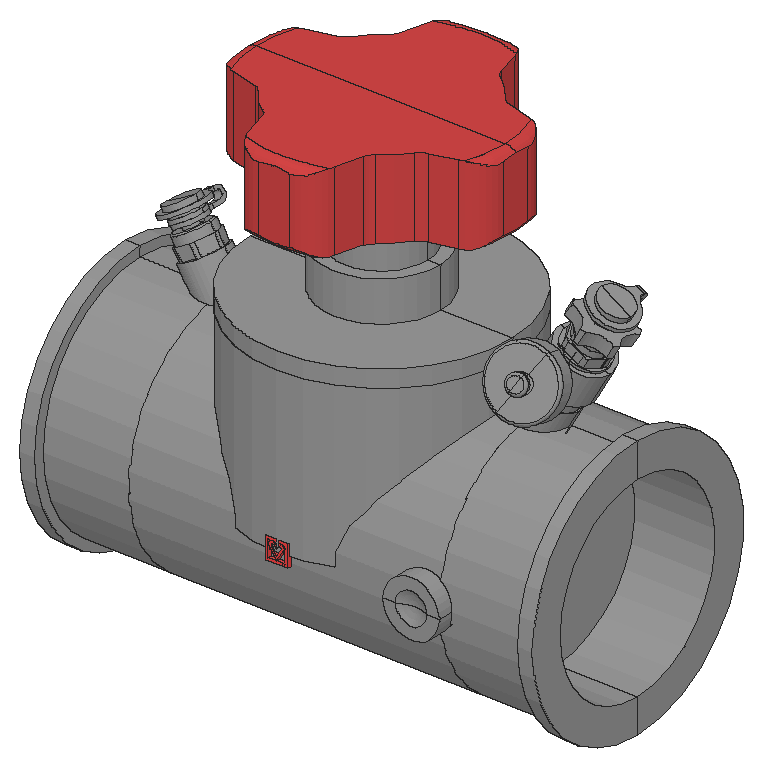
Revit family "Strangregulierventil für Differenzdruckmessung, Geradsitzform 4217 GML", category Rohrzubehör, Revit 2019
Family settings
  Bemaßung runder Anschluss = Durchmesser verwenden
  Teiletyp = Unterbricht
  OmniClass-Nummer = 23.65.55.14
  OmniClass-Titel = Valves for Liquid Services
  Arbeitsebenenbasiert = Nein
  Immer vertikal = Ja
  Beim Laden mit Abzugskörper schneiden = Nein
  Gemeinsam genutzt = Nein
Parameters
  kvs-Wert [instance] = if(Nennweite = 15.00 mm, 6.05, if(Nennweite = 20.00 mm, 6.11, if(Nennweite = 25.00 mm, 9.22, if(Nennweite = 32.00 mm, 18.83, if(Nennweite = 40.00 mm, 23.29, if(Nennweite = 50.00 mm, 35.26, if(Nennweite = 65.00 mm, 52.11, if(Nennweite = 80.00 mm, 76.1, 0))))))))  # 76.1
  W02 = 60.00°  # constant formula
  W01 = 30.00°  # constant formula
  URL = "www.herz-armaturen.at"
  SC_NennweiteBerechnet = 0
  SC_Dimension = ""
  SCRNSEQ = "ARM;ARM_TYP=\"STRV\";2"
  SCRNCODE = "05;07;02"  # constant formula
  S02 = 60.00 mm  # constant formula
  S01 [instance] = H00 + H01  # 119.31 mm
  R01 [instance] = size_lookup("4217_GML_", "R1", 1.00 mm, Nennweite)  # 53.00 mm
  Nennweite [instance] = 80.00 mm
  Medium = "Heizwasserqualität entsprechend ÖNORM H 5195 bzw. VDI-Richtlinie 2035.\r\nDie Verwendung von Ethylen- und Propylenglykol ist im Mischungsverhältnis 25 - 50 Vol. % zulässig."
  Max. Betriebstemperatur (bis DN32) = 130 °C  # constant formula
  Max. Betriebstemperatur (ab DN40) = 110 °C  # constant formula
  Max. Betriebsdruck = 1600000.0 Pa  # constant formula
  ML02 [instance] = size_lookup("4217_GML_", "ML2", 1.00 mm, Nennweite)  # 70.50 mm
  ML01 [instance] = size_lookup("4217_GML_", "ML1", 1.00 mm, Nennweite)  # 37.35 mm
  MD01 = 9.50 mm  # constant formula
  L02 [instance] = size_lookup("4217_GML_", "L2", 1.00 mm, Nennweite)  # 6.00 mm
  L01 [instance] = size_lookup("4217_GML_", "L1", 1.00 mm, Nennweite)  # 41.30 mm
  L00 [instance] = size_lookup("4217_GML_", "L", 1.00 mm, Nennweite)  # 210.00 mm
  IG [instance] = Nennweite / 2  # 40.00 mm
  Hersteller = "HERZ Armaturen Ges.m.b.H."  # constant formula
  H04 [instance] = size_lookup("4217_GML_", "H4", 1.00 mm, Nennweite)  # 19.00 mm
  H03 = 10.00 mm  # constant formula
  H02 [instance] = size_lookup("4217_GML_", "H2", 1.00 mm, Nennweite)  # 7.00 mm
  H01 [instance] = size_lookup("4217_GML_", "H1", 1.00 mm, Nennweite)  # 52.60 mm
  H00 [instance] = size_lookup("4217_GML_", "H", 1.00 mm, Nennweite)  # 66.71 mm
  Gewicht [instance] = if(Nennweite = 15.00 mm, "0.97 kg", if(Nennweite = 20.00 mm, "1.00 kg", if(Nennweite = 25.00 mm, "1.45 kg", if(Nennweite = 32.00 mm, "1.98 kg", if(Nennweite = 40.00 mm, "2.34 kg", if(Nennweite = 50.00 mm, "3.85 kg", if(Nennweite = 65.00 mm, "5.35 kg", if(Nennweite = 80.00 mm, "7.20 kg", "0 kg"))))))))  # "7.20 kg"
  Gehäuse = "DZR-Messing"  # constant formula
  GT [instance] = size_lookup("4217_GML_", "GT", 1.00 mm, Nennweite)  # 33.30 mm
  Einbaulage = "Bedingt durch die senkrecht zur Ventilachse angeordnete, nichtsteigende Ventilspindel ist für jede Einbaulage optimale Zugängigkeit und Bedienbarkeit des Ventils gewährleistet."
  Differenzdruckmessung = "STRÖMAX-GML Strangregulierventil ist mit zwei Messventilen ausgestattet.\r\nBei Verwendung eines geeigneten Messgerätes kann der Differenzdruck gemessen und dadurch die jeweilige Durchflussmenge in Abhängigkeit der Einstellstufe ermittelt werden.\r\nAm HERZ-Messcomputer (1 8900 05) ist außerdem direkt die jeweilige Durchflussmenge ablesbar."
  DN80 [instance] = Nennweite = 80.00 mm  # yes
  DN65 [instance] = Nennweite = 65.00 mm  # no
  DN50_DN80 [instance] = or(Nennweite = 50.00 mm, Nennweite = 65.00 mm, Nennweite = 80.00 mm)  # yes
  DN50-DN80 [instance] = H00 + H01  # 119.31 mm
  DN50 [instance] = Nennweite = 50.00 mm  # no
  DN40 [instance] = Nennweite = 40.00 mm  # no
  DN32 [instance] = Nennweite = 32.00 mm  # no
  DN25 [instance] = Nennweite = 25.00 mm  # no
  DN20 [instance] = Nennweite = 20.00 mm  # no
  DN15_DN40 [instance] = or(Nennweite = 15.00 mm, Nennweite = 20.00 mm, Nennweite = 25.00 mm, Nennweite = 32.00 mm, Nennweite = 40.00 mm)  # no
  DN15-DN40 [instance] = H00 + H01  # 119.31 mm
  DN15 [instance] = Nennweite = 15.00 mm  # no
  D06 [instance] = size_lookup("4217_GML_", "D6", 1.00 mm, Nennweite)  # 24.30 mm
  D05 [instance] = size_lookup("4217_GML_", "D5", 1.00 mm, Nennweite)  # 19.00 mm
  D04 = 9.00 mm  # constant formula
  D03 [instance] = size_lookup("4217_GML_", "D3", 1.00 mm, Nennweite)  # 53.80 mm
  D02 [instance] = size_lookup("4217_GML_", "D2", 1.00 mm, Nennweite)  # 54.00 mm
  D01 [instance] = size_lookup("4217_GML_", "D1", 1.00 mm, Nennweite)  # 50.00 mm
  Bestellnummer [instance] = size_lookup("4217_GML_", "Artnr", 0, Nennweite)  # 1421718
  Ausführung = "STRÖMAX-GML Strangregulierventil mit Messventilen und Impulsleitungsanschluß 1/2″ – 3″\r\nGeradesitzform, gelbe Ausführung, Muffe x Muffe, nichtsteigende Spindel, Spindelabdichtung durch Doppel-O-Ring, Voreinstellung durch Hubbegrenzung mittels Innenspindel, digitale Anzeige der Voreinstellstufe im Handradfenster.\r\nEin Standardmeßventil und ein Messventil mit integriertem Impulsleitungsanschluß befinden sich neben dem Handrad."
  Anwendungen = "Zum hydraulischen Abgleich in Heiz- oder Kühlanlagen, Einregulieren von Verteilleitungen, Strängen, Wärmetauschern, Heiz- und Kühlregistern."
Reference planes
  plane 1 "Mitte (Vorne/hinten)": y = 0
  plane 2: z = 0
  plane 3 "Mitte (Links/rechts)": x = 0
Forms (mm)
  Revolve 1, solid, material "Messing, weicher Gelbton, geschweißt", detail levels fine
    sketch origin (0, 0, 0) x (1, 0, 0) y (0, 0, 1)
      loop
        line (-105, 54) -> (-105, 40) -> (-71.7, 40) -> (-71.7, 0) -> (71.7, 0) -> (71.7, 40) -> (105, 40) -> (105, 54) -> (99, 54) -> (99, 50) -> (63.7, 50)
        arc (63.7, 50) -> (0, 53) -> (-63.7, 50) r 677.782
        line (-63.7, 50) -> (-99, 50) -> (-99, 54) -> (-105, 54)
      axis (-105, 0) -> (105, 0)
    angle from 0 to 360
  Revolve 2, solid, material "Messing, weicher Gelbton, geschweißt", detail levels fine
    sketch origin (0, 0, 0) x (1, 0, 0) y (0, 0, 1)
      loop
        line (37.35, 0) -> (72.6, 61.055) -> (64.373, 65.805) -> (29.123, 4.75) -> (37.35, 0)
      axis (37.35, 0) -> (72.6, 61.055)
    angle from 0 to 360
  Revolve 3, solid, material "Messing, weicher Gelbton, geschweißt", detail levels fine
    sketch origin (0, 0, 0) x (1, 0, 0) y (0, 0, 1)
      loop
        line (0, 0) -> (0, 66.71) -> (-53.8, 66.71) -> (-53.8, 0) -> (0, 0)
      axis (0, 66.71) -> (0, 0)
    angle from 0 to 360
  Revolve 4, solid, material "Messing, weicher Gelbton, geschweißt", detail levels fine
    sketch origin (0, 0, 0) x (-1, 0, 0) y (0, 0, 1)
      loop
        line (37.35, 0) -> (72.6, 61.055) -> (64.373, 65.805) -> (29.123, 4.75) -> (37.35, 0)
      axis (37.35, 0) -> (72.6, 61.055)
    angle from 0 to 360
  Revolve 5, solid, material "Messing, weicher Gelbton, geschweißt", visible <- "DN65", detail levels fine
    sketch origin (0, 0, 0) x (1, 0, 0) y (0, 1, 0)
      loop
        line (60, 47.945) -> (60, -47.945)
        arc (60, -47.945) -> (63.368, -48.598) -> (66.5, -50) r 15
        line (66.5, -50) -> (71.5, -50) -> (71.5, 50) -> (66.5, 50)
        arc (66.5, 50) -> (63.368, 48.598) -> (60, 47.945) r 15
      axis (60, 50) -> (60, -50)
    angle from 0 to 360
  Revolve 6, solid, material "Messing, weicher Gelbton, geschweißt", detail levels fine
    sketch origin (0, 0, 0) x (1, 0, 0) y (0, 0, 1)
      loop
        line (0, 66.71) -> (0, 119.31) -> (-9, 119.31) -> (-9, 109.31) -> (-19, 109.31) -> (-19, 90.31) -> (-24.3, 90.31) -> (-24.3, 73.71) -> (-53.8, 73.71) -> (-53.8, 66.71) -> (0, 66.71)
      axis (0, 119.31) -> (0, 66.71)
    angle from 0 to 360
  Revolve 7, solid, material "Messing, weicher Gelbton, geschweißt", visible <- "DN80", detail levels fine
    sketch origin (0, 0, 0) x (1, 0, 0) y (0, 1, 0)
      loop
        line (57, 53.945) -> (57, -53.945)
        arc (57, -53.945) -> (60.368, -54.598) -> (63.5, -56) r 15
        line (63.5, -56) -> (68.5, -56) -> (68.5, 56) -> (63.5, 56)
        arc (63.5, 56) -> (60.368, 54.598) -> (57, 53.945) r 15
      axis (57, 56) -> (57, -56)
    angle from 0 to 360
Lines and regions (mm)
  model lines, detail levels coarse+medium
    curve 1: line (-105, 0, 54) -> (-105, 0, -54)
    curve 2: line (-105, 0, -54) -> (105, 0, 54)
    curve 3: line (105, 0, 54) -> (105, 0, -54)
    curve 4: line (105, 0, -54) -> (-105, 0, 54)
    curve 5: line (0, 0, 0) -> (68.884, 0, 119.31)
    curve 6: line (42.903, 0, 134.31) -> (94.864, 0, 104.31)
    curve 7: line (-105, 54, 0) -> (-105, -54, 0)
    curve 8: line (-105, -54, 0) -> (105, 54, 0)
    curve 9: line (105, 54, 0) -> (105, -54, 0)
    curve 10: line (105, -54, 0) -> (-105, 54, 0)
    curve 11: line (0, 0, 0) -> (68.884, 119.31, 0)
    curve 12: line (42.903, 134.31, 0) -> (94.864, 104.31, 0)
Dimensions and locks
  "IG": Revolve 1 sketch curve to plane 2
  "GT": Revolve 1 sketch curve to Revolve 1 sketch curve  (x2)
  "IG": Revolve 1 sketch curve to Revolve 1 sketch curve
  "D01": Revolve 1 sketch curve to Revolve 1 sketch curve  (x2)
  "R01": Revolve 1 sketch curve to Revolve 1 sketch curve
  "L02": Revolve 1 sketch curve to Revolve 1 sketch curve  (x2)
  "L01": Revolve 1 sketch curve to Revolve 1 sketch curve  (x2)
  "D02": Revolve 1 sketch curve to plane 2  (x2)
  equal spacing: Revolve 1 sketch curve, plane 3 "Mitte (Links/rechts)", Revolve 1 sketch curve
  "L00": Revolve 1 sketch curve to Revolve 1 sketch curve
  "R01": nested 1 to plane 1 "Mitte (Vorne/hinten)"
  "ML01": Revolve 2 sketch curve to plane 3 "Mitte (Links/rechts)"
  "H00": Revolve 3 sketch curve to plane 2
  "D03": Revolve 3 sketch curve to Revolve 3 sketch curve
  "ML02": Revolve 2 sketch curve to Revolve 2 sketch curve
  "MD01": Revolve 2 sketch curve to Revolve 2 sketch curve  (x2)
  "ML02": Revolve 4 sketch curve to Revolve 4 sketch curve
  "MD01": Revolve 4 sketch curve to Revolve 4 sketch curve  (x2)
  "ML01": plane 3 "Mitte (Links/rechts)" to Revolve 4 sketch curve
  Revolve 5 sketch curve to Revolve 1 = 45.00 mm
  Revolve 5 sketch curve to Revolve 5 sketch curve = 11.50 mm  (x2)
  Revolve 5 sketch curve to plane 1 "Mitte (Vorne/hinten)" to Revolve 5 sketch curve = 50.00 mm, 50.00 mm
  "H00": Revolve 6 sketch curve to plane 2
  "H01": Revolve 6 sketch curve to Revolve 6 sketch curve
  "D04": Revolve 6 sketch curve to Revolve 6 sketch curve
  "D03": Revolve 6 sketch curve to Revolve 6 sketch curve
  "D05": Revolve 6 sketch curve to Revolve 6 sketch curve
  "D06": Revolve 6 sketch curve to Revolve 6 sketch curve
  "H02": Revolve 6 sketch curve to Revolve 6 sketch curve
  "H03": Revolve 6 sketch curve to Revolve 6 sketch curve
  "H04": Revolve 6 sketch curve to Revolve 6 sketch curve
  Revolve 7 sketch curve to Revolve 1 = 48.00 mm
  Revolve 7 sketch curve to Revolve 7 sketch curve = 11.50 mm  (x2)
  Revolve 7 sketch curve to plane 1 "Mitte (Vorne/hinten)" to Revolve 7 sketch curve = 56.00 mm, 56.00 mm
  "DN15-DN40": nested 2 to plane 2
  "DN50-DN80": nested 3 to plane 2
  "D02": curve 4 to plane 2 to curve 2
  "D02": curve 3 to plane 2 to curve 4
  equal spacing: curve 1, plane 3 "Mitte (Links/rechts)", curve 3
  "L00": curve 1 to curve 3
  equal spacing: Revolve 1, curve 5, Revolve 1
  "S01": curve 5 to plane 2
  equal spacing: curve 6, curve 5, curve 6
  "S02": curve 6 to curve 6
  "D02": curve 8 to plane 1 "Mitte (Vorne/hinten)" to curve 10
  "D02": curve 10 to plane 1 "Mitte (Vorne/hinten)" to curve 9
  equal spacing: curve 7, plane 3 "Mitte (Links/rechts)", curve 9
  "L00": curve 7 to curve 9
  equal spacing: curve 7, curve 11, curve 9
  "S01": plane 1 "Mitte (Vorne/hinten)" to curve 11
  equal spacing: curve 12, curve 11, curve 12
  "S02": curve 12 to curve 12
  radius of Revolve 5 sketch curve = 15.00 mm  (x2)
  radius of Revolve 7 sketch curve = 15.00 mm  (x2)
  "W01": angle Revolve 2 sketch curve to plane 3 "Mitte (Links/rechts)"  (x2)
  "W01": angle plane 3 "Mitte (Links/rechts)" to Revolve 4 sketch curve  (x2)
  "W02": angle plane 2 to curve 5
  "W02": angle plane 1 "Mitte (Vorne/hinten)" to curve 11
  aligned and locked: level to plane 2
Automatic sketch dimensions
  Revolve 5 sketch curve to Revolve 5 sketch curve = 1.153 mm  (x2)
  Revolve 5 sketch curve to Revolve 5 sketch curve = 5.00 mm  (x2)
  Revolve 5 sketch curve to Revolve 5 sketch curve = 2.854 mm  (x2)
  Revolve 7 sketch curve to Revolve 7 sketch curve = 1.153 mm  (x2)
  Revolve 7 sketch curve to Revolve 7 sketch curve = 5.00 mm  (x2)
  Revolve 7 sketch curve to Revolve 7 sketch curve = 8.854 mm  (x2)
  Revolve 1 sketch curve to level = 0.00 mm  (x2)
  Revolve 1 sketch curve to Revolve 1 sketch curve = 1429.986 mm
  Revolve 1 sketch curve to Revolve 1 sketch curve = 1762.604 mm
  Revolve 2 sketch curve to level = 0.00 mm  (x2)
  Revolve 3 sketch curve to level = 0.00 mm
  Revolve 3 sketch curve to plane 3 "Mitte (Links/rechts)" = 0.00 mm  (x2)
  Revolve 3 sketch curve to Revolve 3 sketch curve = 366.045 mm
  Revolve 3 sketch curve to Revolve 3 sketch curve = 2179.415 mm
  Revolve 4 sketch curve to level = 0.00 mm  (x2)
  Revolve 6 sketch curve to plane 3 "Mitte (Links/rechts)" = 0.00 mm  (x2)
  Revolve 6 sketch curve to level = 366.045 mm
  Revolve 6 sketch curve to Revolve 6 sketch curve = 2146.115 mm
Nested families
  nested 1: "Herz-Logo-vorne" at (0, -53, 0) x (0, 1, 0) z (0, 0, 1), type "Herz-Logo-vorne", detail levels fine
  nested 2: "Strangregulierventil-Handrad-Gerade (Rot) DN15-DN40" at (0, 0, 119.31), visible <- "DN15_DN40", type "Strangregulierventil-Handrad-Gerade (Rot) DN15-DN40", detail levels fine
    with Nennweite 0.00 mm, Gewicht 0.00 kg, Bestellnummer 0
  nested 3: "Strangregulierventil-Handrad-Gerade (Rot) DN50-DN80" at (0, 0, 119.31), visible <- "DN50_DN80", type "Strangregulierventil-Handrad-Gerade (Rot) DN50-DN80", detail levels fine
    with Nennweite 0.00 mm, Gewicht 0.00 kg, Bestellnummer 0
  nested 4: "Messstutzen_Band-KFE_Austritt_30Grad_(oben)" at (61.39, 0, 59.409), visible <- "DN50", type "Messstutzen_Band-KFE_Austritt_30Grad_(oben)", detail levels fine
    with Schutzkappe yes, Nennweite 0.00 mm, Gewicht 0.00 kg, Bestellnummer 0
  nested 5: "Messstutzen_Band_Eintritt_30Grad_(oben)" at (-47.24, 0, 34.901) x (-1, 0, 0) z (0, 0, 1), visible <- "DN50", type "Messstutzen_Band_Eintritt_30Grad_(oben)", detail levels fine
    with Schutzkappe yes, Nennweite 0.00 mm, Gewicht 0.00 kg, Bestellnummer 0
  nested 6: "Messstutzen_Band-KFE_Austritt_30Grad_(oben)" at (41.17, 0, 35.507), visible <- "DN15", type "Messstutzen_Band-KFE_Austritt_30Grad_(oben)", detail levels fine
    with Schutzkappe yes, Nennweite 0.00 mm, Gewicht 0.00 kg, Bestellnummer 0
  nested 7: "Messstutzen_Band_Eintritt_30Grad_(oben)" at (-27.02, 0, 10.999) x (-1, 0, 0) z (0, 0, 1), visible <- "DN15", type "Messstutzen_Band_Eintritt_30Grad_(oben)", detail levels fine
    with Schutzkappe yes, Nennweite 0.00 mm, Gewicht 0.00 kg, Bestellnummer 0
  nested 8: "Messstutzen_Band_Eintritt_30Grad_(oben)" at (-24.855, 0, 13.553) x (-1, 0, 0) z (0, 0, 1), visible <- "DN20", type "Messstutzen_Band_Eintritt_30Grad_(oben)", detail levels fine
    with Schutzkappe yes, Nennweite 0.00 mm, Gewicht 0.00 kg, Bestellnummer 0
  nested 9: "Messstutzen_Band-KFE_Austritt_30Grad_(oben)" at (39.005, 0, 38.062), visible <- "DN20", type "Messstutzen_Band-KFE_Austritt_30Grad_(oben)", detail levels fine
    with Schutzkappe yes, Nennweite 0.00 mm, Gewicht 0.00 kg, Bestellnummer 0
  nested 10: "Messstutzen_Band_Eintritt_30Grad_(oben)" at (-29.265, 0, 17.883) x (-1, 0, 0) z (0, 0, 1), visible <- "DN25", type "Messstutzen_Band_Eintritt_30Grad_(oben)", detail levels fine
    with Schutzkappe yes, Nennweite 0.00 mm, Gewicht 0.00 kg, Bestellnummer 0
  nested 11: "Messstutzen_Band-KFE_Austritt_30Grad_(oben)" at (43.415, 0, 42.392), visible <- "DN25", type "Messstutzen_Band-KFE_Austritt_30Grad_(oben)", detail levels fine
    with Schutzkappe yes, Nennweite 0.00 mm, Gewicht 0.00 kg, Bestellnummer 0
  nested 12: "Messstutzen_Band_Eintritt_30Grad_(oben)" at (-37.74, 0, 24.595) x (-1, 0, 0) z (0, 0, 1), visible <- "DN32", type "Messstutzen_Band_Eintritt_30Grad_(oben)", detail levels fine
    with Schutzkappe yes, Nennweite 0.00 mm, Gewicht 0.00 kg, Bestellnummer 0
  nested 13: "Messstutzen_Band-KFE_Austritt_30Grad_(oben)" at (51.89, 0, 49.104), visible <- "DN32", type "Messstutzen_Band-KFE_Austritt_30Grad_(oben)", detail levels fine
    with Schutzkappe yes, Nennweite 0.00 mm, Gewicht 0.00 kg, Bestellnummer 0
  nested 14: "Messstutzen_Band_Eintritt_30Grad_(oben)" at (-42.8, 0, 28.665) x (-1, 0, 0) z (0, 0, 1), visible <- "DN40", type "Messstutzen_Band_Eintritt_30Grad_(oben)", detail levels fine
    with Schutzkappe yes, Nennweite 0.00 mm, Gewicht 0.00 kg, Bestellnummer 0
  nested 15: "Messstutzen_Band-KFE_Austritt_30Grad_(oben)" at (56.95, 0, 53.174), visible <- "DN40", type "Messstutzen_Band-KFE_Austritt_30Grad_(oben)", detail levels fine
    with Schutzkappe yes, Nennweite 0.00 mm, Gewicht 0.00 kg, Bestellnummer 0
  nested 16: "Messstutzen_Band_Eintritt_30Grad_(oben)" at (-54.5, 0, 38.105) x (-1, 0, 0) z (0, 0, 1), visible <- "DN65", type "Messstutzen_Band_Eintritt_30Grad_(oben)", detail levels fine
    with Schutzkappe yes, Nennweite 0.00 mm, Gewicht 0.00 kg, Bestellnummer 0
  nested 17: "Messstutzen_Band-KFE_Austritt_30Grad_(oben)" at (68.65, 0, 62.614), visible <- "DN65", type "Messstutzen_Band-KFE_Austritt_30Grad_(oben)", detail levels fine
    with Schutzkappe yes, Nennweite 0.00 mm, Gewicht 0.00 kg, Bestellnummer 0
  nested 18: "Messstutzen_Band_Eintritt_30Grad_(oben)" at (-63.85, 0, 45.899) x (-1, 0, 0) z (0, 0, 1), visible <- "DN80", type "Messstutzen_Band_Eintritt_30Grad_(oben)", detail levels fine
    with Schutzkappe yes, Nennweite 0.00 mm, Gewicht 0.00 kg, Bestellnummer 0
  nested 19: "Messstutzen_Band-KFE_Austritt_30Grad_(oben)" at (78, 0, 70.408), visible <- "DN80", type "Messstutzen_Band-KFE_Austritt_30Grad_(oben)", detail levels fine
    with Schutzkappe yes, Nennweite 0.00 mm, Gewicht 0.00 kg, Bestellnummer 0
Connectors
  piping at (-71.7, 0, 0), diameter 80, driven by "Nennweite"
    settings: on Revolve 1, index 1, connector inside diameter 609.6 mm, connector length 0.00 mm, flow factor 0, pipe flow 0.0 L/s, pressure drop 0.0 Pa, fitting loss kfactor 0, connector angle 0.00°, fixture units 0, engagement length 0.00 mm, angle of deflection 0.00°, flow configuration 0, flow direction 1, fitting loss method 0, system type 29, joint type 0, gender type 0, connector reference index -1, connector utility 0, adjustable connector no, is connector primary yes, connector description ""
  piping at (71.7, 0, 0), diameter 80, driven by "Nennweite"
    settings: on Revolve 1, index 2, connector inside diameter 609.6 mm, connector length 0.00 mm, flow factor 0, pipe flow 0.0 L/s, pressure drop 0.0 Pa, fitting loss kfactor 0, connector angle 0.00°, fixture units 0, engagement length 0.00 mm, angle of deflection 0.00°, flow configuration 0, flow direction 2, fitting loss method 0, system type 29, joint type 0, gender type 0, connector reference index -1, connector utility 0, adjustable connector no, is connector primary no, connector description ""
Definition of nested family "Herz-Logo-vorne"
  Reference planes
    plane 1 "Mitte (Vorne/hinten)": y = 0
    plane 2: z = 0
    plane 3 "Mitte (Links/rechts)": x = 0
  Forms (mm)
    Extrusion 1, solid
      sketch origin (0.732, -0.018, 0.017) x (0, -1, 0) y (0, 0, 1)
        loop
          line (-0.018, -4.517) -> (4.482, -4.517) -> (4.482, 4.483) -> (-4.518, 4.483) -> (-4.518, -4.517) -> (-0.018, -4.517)
        loop
          line (-0.05, -3.48) -> (3.482, -3.48) -> (3.482, 3.483) -> (-3.518, 3.483) -> (-3.518, -3.48) -> (-0.05, -3.48)
        loop
          arc (-0.018, 2.383) -> (-1.543, 3.287) -> (-3.067, 2.383) r 1.738
          arc (-3.067, 2.383) -> (-3.191, 1.899) -> (-3.067, 1.415) r 1.009
          line (-3.067, 1.415) -> (-0.018, -3.281) -> (3.032, 1.415)
          arc (3.032, 1.415) -> (3.156, 1.899) -> (3.032, 2.383) r 1.009
          arc (3.032, 2.383) -> (1.507, 3.287) -> (-0.018, 2.383) r 1.738
        loop
          arc (1.885, 1.272) -> (2.005, 1.675) -> (1.885, 2.079) r 0.74
          arc (1.885, 2.079) -> (1.265, 2.416) -> (0.644, 2.079) r 0.74
          line (0.644, 2.079) -> (-0.018, 0.97) -> (-0.679, 2.079)
          arc (-0.679, 2.079) -> (-1.3, 2.416) -> (-1.921, 2.079) r 0.74
          arc (-1.921, 2.079) -> (-2.04, 1.675) -> (-1.921, 1.272) r 0.74
          line (-1.921, 1.272) -> (-0.018, -1.658) -> (1.885, 1.272)
      from 0 to 1.5
  Dimensions and locks
    aligned and locked: level to plane 2
Definition of nested family "Strangregulierventil-Handrad-Gerade (Rot) DN15-DN40"
  Parameters (values of type "Strangregulierventil-Handrad-Gerade (Rot) DN15-DN40")
    URL = "www.herz-armaturen.at"
    Nennweite [instance] = 0.00 mm
    Manufacturer = "Herz Armaturen GmbH"  # constant formula
    Gewicht [instance] = 0.00 kg
    Bestellnummer [instance] = 0
  Reference planes
    plane 1 "Mitte (Vorne/hinten)": y = 0
    plane 2: z = 0
    plane 3 "Mitte (Links/rechts)": x = 0
  Forms (mm)
    Revolve 1, solid, detail levels fine
      sketch origin (0, 0, 0) x (1, 0, 0) y (0, 0, 1)
        loop
          line (0, 0) -> (0, 24.95) -> (-30.992, 24.95)
          arc (-30.992, 24.95) -> (-34.37, 23.636) -> (-35.973, 20.386) r 5
          line (-35.973, 20.386) -> (-37, 8.65) -> (-35.986, -2.936)
          arc (-35.986, -2.936) -> (-34.383, -6.186) -> (-31.005, -7.5) r 5
          line (-31.005, -7.5) -> (-15, -7.5) -> (-15, 0) -> (0, 0)
        axis (0, 24.95) -> (0, -7.5)
      angle from 0 to 360
    Extrusion 2, void
      sketch origin (0, 0, 20.3) x (1, 0, 0) y (0, 1, 0)
        loop
          line (3.861, 35.5) -> (-3.861, 35.5)
          arc (-3.861, 35.5) -> (-8.731, 33.847) -> (-11.589, 29.571) r 8
          line (-11.589, 29.571) -> (-13.284, 23.245)
          arc (-13.284, 23.245) -> (-13.982, 21.722) -> (-15.144, 20.516) r 5
          arc (-15.144, 20.516) -> (-18.031, 18.031) -> (-20.516, 15.144) r 25.5
          arc (-20.516, 15.144) -> (-21.722, 13.982) -> (-23.245, 13.284) r 5
          line (-23.245, 13.284) -> (-29.571, 11.589)
          arc (-29.571, 11.589) -> (-33.847, 8.731) -> (-35.5, 3.861) r 8
          line (-35.5, 3.861) -> (-35.5, -3.861)
          arc (-35.5, -3.861) -> (-33.847, -8.731) -> (-29.571, -11.589) r 8
          line (-29.571, -11.589) -> (-23.245, -13.284)
          arc (-23.245, -13.284) -> (-21.722, -13.982) -> (-20.516, -15.144) r 5
          arc (-20.516, -15.144) -> (-18.031, -18.031) -> (-15.144, -20.516) r 25.5
          arc (-15.144, -20.516) -> (-13.982, -21.722) -> (-13.284, -23.245) r 5
          line (-13.284, -23.245) -> (-11.589, -29.571)
          arc (-11.589, -29.571) -> (-8.731, -33.847) -> (-3.861, -35.5) r 8
          line (-3.861, -35.5) -> (3.861, -35.5)
          arc (3.861, -35.5) -> (8.731, -33.847) -> (11.589, -29.571) r 8
          line (11.589, -29.571) -> (13.284, -23.245)
          arc (13.284, -23.245) -> (13.982, -21.722) -> (15.144, -20.516) r 5
          arc (15.144, -20.516) -> (18.031, -18.031) -> (20.516, -15.144) r 25.5
          arc (20.516, -15.144) -> (21.722, -13.982) -> (23.245, -13.284) r 5
          line (23.245, -13.284) -> (29.571, -11.589)
          arc (29.571, -11.589) -> (33.847, -8.731) -> (35.5, -3.861) r 8
          line (35.5, -3.861) -> (35.5, 3.861)
          arc (35.5, 3.861) -> (33.847, 8.731) -> (29.571, 11.589) r 8
          line (29.571, 11.589) -> (23.245, 13.284)
          arc (23.245, 13.284) -> (21.722, 13.982) -> (20.516, 15.144) r 5
          arc (20.516, 15.144) -> (18.031, 18.031) -> (15.144, 20.516) r 25.5
          arc (15.144, 20.516) -> (13.982, 21.722) -> (13.284, 23.245) r 5
          line (13.284, 23.245) -> (11.589, 29.571)
          arc (11.589, 29.571) -> (8.731, 33.847) -> (3.861, 35.5) r 8
        loop
          circle (0, 0) r 38
      from -31.266 to 7.923
  Cuts and joins
    Extrusion 2 cuts Revolve 1
  Dimensions and locks
    Revolve 1 sketch curve to Revolve 1 sketch curve = 15.00 mm
    Revolve 1 sketch curve to Revolve 1 sketch curve = 16.15 mm
    Revolve 1 sketch curve to Revolve 1 sketch curve = 16.30 mm
    angle Revolve 1 sketch curve to Revolve 1 sketch curve = 95.00°
    aligned and locked: level to plane 2
Definition of nested family "Strangregulierventil-Handrad-Gerade (Rot) DN50-DN80"
  Parameters (values of type "Strangregulierventil-Handrad-Gerade (Rot) DN50-DN80")
    URL = "www.herz-armaturen.at"
    Nennweite [instance] = 0.00 mm
    Manufacturer = "Herz Armaturen GmbH"  # constant formula
    Gewicht [instance] = 0.00 kg
    Bestellnummer [instance] = 0
  Reference planes
    plane 1 "Mitte (Vorne/hinten)": y = 0
    plane 2: z = 0
    plane 3 "Mitte (Links/rechts)": x = 0
  Forms (mm)
    Revolve 1, solid, detail levels fine
      sketch origin (0, 0, 0) x (1, 0, 0) y (0, 0, 1)
        loop
          line (0, 0) -> (0, 24.95) -> (-50.992, 24.95)
          arc (-50.992, 24.95) -> (-54.37, 23.636) -> (-55.973, 20.386) r 5
          line (-55.973, 20.386) -> (-57, 8.65) -> (-55.986, -2.936)
          arc (-55.986, -2.936) -> (-54.383, -6.186) -> (-51.005, -7.5) r 5
          line (-51.005, -7.5) -> (-15, -7.5) -> (-15, 0) -> (0, 0)
        axis (0, 24.95) -> (0, -7.5)
      angle from 0 to 360
    Extrusion 2, void
      sketch origin (0, 0, 20.3) x (1, 0, 0) y (0, 1, 0)
        loop
          line (-55, 6.292) -> (-55, -6.292)
          arc (-55, -6.292) -> (-52.52, -13.597) -> (-46.106, -17.883) r 12
          line (-46.106, -17.883) -> (-35.399, -20.752)
          arc (-35.399, -20.752) -> (-33.541, -21.612) -> (-32.08, -23.047) r 6
          arc (-32.08, -23.047) -> (-27.931, -27.931) -> (-23.047, -32.08) r 39.5
          arc (-23.047, -32.08) -> (-21.612, -33.541) -> (-20.752, -35.399) r 6
          line (-20.752, -35.399) -> (-17.883, -46.106)
          arc (-17.883, -46.106) -> (-13.597, -52.52) -> (-6.292, -55) r 12
          line (-6.292, -55) -> (6.292, -55)
          arc (6.292, -55) -> (13.597, -52.52) -> (17.883, -46.106) r 12
          line (17.883, -46.106) -> (20.752, -35.399)
          arc (20.752, -35.399) -> (21.612, -33.541) -> (23.047, -32.08) r 6
          arc (23.047, -32.08) -> (27.931, -27.931) -> (32.08, -23.047) r 39.5
          arc (32.08, -23.047) -> (33.541, -21.612) -> (35.399, -20.752) r 6
          line (35.399, -20.752) -> (46.106, -17.883)
          arc (46.106, -17.883) -> (52.52, -13.597) -> (55, -6.292) r 12
          line (55, -6.292) -> (55, 6.292)
          arc (55, 6.292) -> (52.52, 13.597) -> (46.106, 17.883) r 12
          line (46.106, 17.883) -> (35.399, 20.752)
          arc (35.399, 20.752) -> (33.541, 21.612) -> (32.08, 23.047) r 6
          arc (32.08, 23.047) -> (27.931, 27.931) -> (23.047, 32.08) r 39.5
          arc (23.047, 32.08) -> (21.612, 33.541) -> (20.752, 35.399) r 6
          line (20.752, 35.399) -> (17.883, 46.106)
          arc (17.883, 46.106) -> (13.597, 52.52) -> (6.292, 55) r 12
          line (6.292, 55) -> (-6.292, 55)
          arc (-6.292, 55) -> (-13.597, 52.52) -> (-17.883, 46.106) r 12
          line (-17.883, 46.106) -> (-20.752, 35.399)
          arc (-20.752, 35.399) -> (-21.612, 33.541) -> (-23.047, 32.08) r 6
          arc (-23.047, 32.08) -> (-27.931, 27.931) -> (-32.08, 23.047) r 39.5
          arc (-32.08, 23.047) -> (-33.541, 21.612) -> (-35.399, 20.752) r 6
          line (-35.399, 20.752) -> (-46.106, 17.883)
          arc (-46.106, 17.883) -> (-52.52, 13.597) -> (-55, 6.292) r 12
        loop
          circle (0, 0) r 60
      from -31.161 to 7.489
  Cuts and joins
    Extrusion 2 cuts Revolve 1
  Dimensions and locks
    Revolve 1 sketch curve to Revolve 1 sketch curve = 15.00 mm
    Revolve 1 sketch curve to Revolve 1 sketch curve = 16.15 mm
    Revolve 1 sketch curve to Revolve 1 sketch curve = 16.30 mm
    Revolve 1 sketch curve to Revolve 1 sketch curve = 57.00 mm
    angle Revolve 1 sketch curve to Revolve 1 sketch curve = 95.00°
    aligned and locked: level to plane 2
Definition of nested family "Messstutzen_Band-KFE_Austritt_30Grad_(oben)"
  Parameters (values of type "Messstutzen_Band-KFE_Austritt_30Grad_(oben)")
    URL = "www.herz-armaturen.at"
    Schutzkappe [instance] = yes
    Nennweite [instance] = 0.00 mm
    Manufacturer = "Herz Armaturen GmbH"  # constant formula
    Gewicht [instance] = 0.00 kg
    Bestellnummer [instance] = 0
  Reference planes
    plane 1 "Mitte (Vorne/hinten)": y = 0
    plane 2: z = 0
    plane 3 "Mitte (Links/rechts)": x = 0
  Forms (mm)
    Revolve 1, solid, detail levels fine
      sketch origin (0, 0, 0) x (0.866025, 0, -0.5) y (0.5, 0, 0.866025)
        loop
          line (-7.4, 9) -> (-5.55, 9) -> (-5.55, 6)
          arc (-5.55, 6) -> (-5.626, 5.617) -> (-5.843, 5.293) r 1
          line (-5.843, 5.293) -> (-6.455, 4.681) -> (-6.455, 0.9) -> (-5.555, 0) -> (-2, 0) -> (-2, 23) -> (-2, 35.8) -> (-3.805, 35.8) -> (-4.415, 35.19) -> (-4.415, 30.863) -> (-3.7, 30.45) -> (-3.7, 27) -> (-7.4, 27) -> (-7.4, 9)
        axis (0, 0) -> (0, 35.8)
      angle from 0 to 360
    Extrusion 2, solid, detail levels fine
      sketch origin (8.75, 0, 15.155) x (0, 1, 0) y (-0.866025, 0, 0.5)
        loop
          arc (-7.07, 5.156) -> (-7.578, 4.375) -> (-8, 3.544) r 8.75
          line (-8, 3.544) -> (-8, -3.544)
          arc (-8, -3.544) -> (-7.578, -4.375) -> (-7.07, -5.156) r 8.75
          line (-7.07, -5.156) -> (-0.93, -8.7)
          arc (-0.93, -8.7) -> (0, -8.75) -> (0.93, -8.7) r 8.75
          line (0.93, -8.7) -> (7.07, -5.156)
          arc (7.07, -5.156) -> (7.578, -4.375) -> (8, -3.544) r 8.75
          line (8, -3.544) -> (8, 3.544)
          arc (8, 3.544) -> (7.578, 4.375) -> (7.07, 5.156) r 8.75
          line (7.07, 5.156) -> (0.93, 8.7)
          arc (0.93, 8.7) -> (0, 8.75) -> (-0.93, 8.7) r 8.75
          line (-0.93, 8.7) -> (-7.07, 5.156)
      from -5.51 to -1.21
    Revolve 3, solid, visible <- "Schutzkappe", detail levels fine
      sketch origin (0, 0, 0) x (0.866025, 0, -0.5) y (0.5, 0, 0.866025)
        loop
          line (0, 35.878) -> (0, 36.678) -> (-7, 36.678) -> (-7, 33.378) -> (-6.1, 33.378) -> (-6.1, 31.678) -> (-6.9, 31.678) -> (-6.9, 30.178) -> (-4.415, 30.178) -> (-4.415, 35.268) -> (-3.805, 35.878) -> (0, 35.878)
        axis (0, 30.178) -> (0, 36.678)
      angle from 0 to 360
    Extrusion 4, solid, detail levels fine
      sketch origin (15, 0, 25.981) x (0, 1, 0) y (0.866025, 0, -0.5)
        loop
          circle (0, 0) r 3.7
        loop
          arc (5.505, -3.906) -> (7.288, -2.358) -> (9.582, -1.8) r 5
          line (9.582, -1.8) -> (9.582, 1.8)
          arc (9.582, 1.8) -> (7.288, 2.358) -> (5.505, 3.906) r 5
          arc (5.505, 3.906) -> (-6.75, 0) -> (5.505, -3.906) r 6.75
      from 0 to -1.5
    Extrusion 5, solid, detail levels fine
      sketch origin (16.589, 0, 28.733) x (0, 1, 0) y (0.866025, 0, -0.5)
        loop
          circle (0, 0) r 6.1
        loop
          arc (8.652, -4.495) -> (10.493, -2.527) -> (13.089, -1.8) r 5
          line (13.089, -1.8) -> (13.089, 1.8)
          arc (13.089, 1.8) -> (10.493, 2.527) -> (8.652, 4.495) r 5
          arc (8.652, 4.495) -> (-9.75, 0) -> (8.652, -4.495) r 9.75
      from 0 to -1.5
    Sweep 6, solid, detail levels fine
      path origin (0, 0, 0) x (-0.5, 0, -0.866025) y (0, 1, 0)
        loop
          line (-29.25, 9.582) -> (-29.25, 14.522)
          arc (-29.25, 14.522) -> (-30.839, 16.112) -> (-32.428, 14.522) r 1.589
          line (-32.428, 14.522) -> (-32.428, 13.089)
      profile origin (14.625, 12.052, 25.331) x (0.5, 0, 0.866025) y (0.866025, 0, -0.5)
        loop
          line (-0.75, -1.8) -> (0.75, -1.8) -> (0.75, 1.8) -> (-0.75, 1.8) -> (-0.75, -1.8)
    Extrusion 7, solid, detail levels fine
      sketch origin (-87.639, 0, 50.598) x (0.866025, 0, -0.5) y (0, 1, 0)
        loop
          arc (112.053, 5.113) -> (111.589, 6) -> (111.053, 6.845) r 12
          arc (111.053, 6.845) -> (105.696, 7.794) -> (102.196, 11.958) r 7.971
          arc (102.196, 11.958) -> (101.196, 12) -> (100.196, 11.958) r 12
          arc (100.196, 11.958) -> (96.696, 7.794) -> (91.34, 6.845) r 7.971
          arc (91.34, 6.845) -> (90.804, 6) -> (90.34, 5.113) r 12
          arc (90.34, 5.113) -> (92.196, 0) -> (90.34, -5.113) r 7.971
          arc (90.34, -5.113) -> (90.804, -6) -> (91.34, -6.845) r 12
          arc (91.34, -6.845) -> (96.696, -7.794) -> (100.196, -11.958) r 7.971
          arc (100.196, -11.958) -> (101.196, -12) -> (102.196, -11.958) r 12
          arc (102.196, -11.958) -> (105.696, -7.794) -> (111.053, -6.845) r 7.971
          arc (111.053, -6.845) -> (111.589, -6) -> (112.053, -5.113) r 12
          arc (112.053, -5.113) -> (110.196, 0) -> (112.053, 5.113) r 7.971
      from 22.3 to 28.5
    Revolve 8, solid, detail levels fine
      sketch origin (-47.563, 0, 4.367) x (-0.866025, 0, 0.5) y (0.5, 0, 0.866025)
        loop
          line (-43.374, 0) -> (-37.874, 0) -> (-36.774, 1.1) -> (-36.774, 4.9) -> (-37.874, 6) -> (-37.874, 8.4) -> (-36.424, 8.4) -> (-36.424, 9.2) -> (-34.424, 9.2) -> (-34.424, 15.59) -> (-31.874, 15.59) -> (-31.874, 30.99) -> (-33.874, 30.99) -> (-33.874, 31.99) -> (-43.374, 31.99) -> (-43.374, 0)
        loop
          line (-43.374, 39) -> (-43.374, 36.29) -> (-35.874, 36.29) -> (-35.874, 39) -> (-43.374, 39)
        axis (-43.374, 39) -> (-43.374, 0)
      angle from 0 to 360
    Revolve 9, solid, detail levels fine
      sketch origin (0, 0, 0) x (0, -1, 0) y (0.5, 0, 0.866025)
        loop
          line (0, -1.01) -> (32.627, 14.204) -> (27.556, 25.08) -> (25.934, 25.67) -> (21.602, 23.65) -> (14.873, 11.994) -> (-2.324, 3.975) -> (0, -1.01)
        axis (32.627, 14.204) -> (0, -1.01)
      angle from 0 to 360
    Revolve 10, solid, detail levels fine
      sketch origin (-19.899, -51.188, -34.465) x (-0.453154, -0.422618, -0.784886) y (0.211309, -0.906308, 0.365998)
        loop
          line (-56.786, 8) -> (-45.747, 8) -> (-45.747, 0) -> (-43.834, 0) -> (-42.786, 1.048) -> (-42.786, 8.048)
          arc (-42.786, 8.048) -> (-43.065, 8.721) -> (-43.738, 9) r 0.952
          line (-43.738, 9) -> (-52.974, 9)
          arc (-52.974, 9) -> (-53.548, 9.238) -> (-53.786, 9.812) r 0.812
          line (-53.786, 9.812) -> (-53.786, 12) -> (-52.786, 12) -> (-52.786, 13.03)
          arc (-52.786, 13.03) -> (-53.07, 13.716) -> (-53.756, 14) r 0.97
          line (-53.756, 14) -> (-56.786, 14) -> (-56.786, 8)
        axis (-56.786, 14) -> (-56.786, 0)
      angle from 0 to 360
  Dimensions and locks
    aligned and locked: level to plane 2
Definition of nested family "Messstutzen_Band_Eintritt_30Grad_(oben)"
  Parameters (values of type "Messstutzen_Band_Eintritt_30Grad_(oben)")
    URL = "www.herz-armaturen.at"
    Schutzkappe [instance] = yes
    Nennweite [instance] = 0.00 mm
    Manufacturer = "Herz Armaturen GmbH"  # constant formula
    Gewicht [instance] = 0.00 kg
    Bestellnummer [instance] = 0
  Reference planes
    plane 1 "Mitte (Vorne/hinten)": y = 0
    plane 2: z = 0
    plane 3 "Mitte (Links/rechts)": x = 0
  Forms (mm)
    Revolve 1, solid, detail levels fine
      sketch origin (0, 0, 0) x (0.866025, 0, -0.5) y (0.5, 0, 0.866025)
        loop
          line (-7.4, 9) -> (-5.55, 9) -> (-5.55, 6)
          arc (-5.55, 6) -> (-5.626, 5.617) -> (-5.843, 5.293) r 1
          line (-5.843, 5.293) -> (-6.455, 4.681) -> (-6.455, 0.9) -> (-5.555, 0) -> (-2, 0) -> (-2, 17.5) -> (-8.4, 17.5)
          arc (-8.4, 17.5) -> (-7.693, 17.207) -> (-7.4, 16.5) r 1
          line (-7.4, 16.5) -> (-7.4, 9)
        loop
          line (-3.7, 27) -> (-7.3, 27) -> (-7.9, 26.4) -> (-7.9, 23) -> (-2, 23) -> (-2, 35.8) -> (-3.805, 35.8) -> (-4.415, 35.19) -> (-4.415, 30.863) -> (-3.7, 30.45) -> (-3.7, 27)
        axis (0, 0) -> (0, 35.8)
      angle from 0 to 360
    Extrusion 2, solid, detail levels fine
      sketch origin (8.75, 0, 15.155) x (0, 1, 0) y (-0.866025, 0, 0.5)
        loop
          arc (-7.07, 5.156) -> (-7.578, 4.375) -> (-8, 3.544) r 8.75
          line (-8, 3.544) -> (-8, -3.544)
          arc (-8, -3.544) -> (-7.578, -4.375) -> (-7.07, -5.156) r 8.75
          line (-7.07, -5.156) -> (-0.93, -8.7)
          arc (-0.93, -8.7) -> (0, -8.75) -> (0.93, -8.7) r 8.75
          line (0.93, -8.7) -> (7.07, -5.156)
          arc (7.07, -5.156) -> (7.578, -4.375) -> (8, -3.544) r 8.75
          line (8, -3.544) -> (8, 3.544)
          arc (8, 3.544) -> (7.578, 4.375) -> (7.07, 5.156) r 8.75
          line (7.07, 5.156) -> (0.93, 8.7)
          arc (0.93, 8.7) -> (0, 8.75) -> (-0.93, 8.7) r 8.75
          line (-0.93, 8.7) -> (-7.07, 5.156)
      from 0 to 5.5
    Revolve 3, solid, visible <- "Schutzkappe", detail levels fine
      sketch origin (0, 0, 0) x (0.866025, 0, -0.5) y (0.5, 0, 0.866025)
        loop
          line (0, 35.878) -> (0, 36.678) -> (-7, 36.678) -> (-7, 33.378) -> (-6.1, 33.378) -> (-6.1, 31.678) -> (-6.9, 31.678) -> (-6.9, 30.178) -> (-4.415, 30.178) -> (-4.415, 35.268) -> (-3.805, 35.878) -> (0, 35.878)
        axis (0, 30.178) -> (0, 36.678)
      angle from 0 to 360
    Extrusion 4, solid, detail levels fine
      sketch origin (14.25, 0, 24.682) x (0, 1, 0) y (0.866025, 0, -0.5)
        loop
          circle (0, 0) r 3.7
        loop
          arc (5.505, -3.906) -> (7.288, -2.358) -> (9.582, -1.8) r 5
          line (9.582, -1.8) -> (9.582, 1.8)
          arc (9.582, 1.8) -> (7.288, 2.358) -> (5.505, 3.906) r 5
          arc (5.505, 3.906) -> (-6.75, 0) -> (5.505, -3.906) r 6.75
      from 0 to -1.5
    Extrusion 5, solid, detail levels fine
      sketch origin (16.589, 0, 28.733) x (0, 1, 0) y (0.866025, 0, -0.5)
        loop
          circle (0, 0) r 6.1
        loop
          arc (8.652, -4.495) -> (10.493, -2.527) -> (13.089, -1.8) r 5
          line (13.089, -1.8) -> (13.089, 1.8)
          arc (13.089, 1.8) -> (10.493, 2.527) -> (8.652, 4.495) r 5
          arc (8.652, 4.495) -> (-9.75, 0) -> (8.652, -4.495) r 9.75
      from 0 to -1.5
    Sweep 6, solid, detail levels fine
      path origin (0.933, -0.183, 1.116) x (-0.5, 0, -0.866025) y (0, 1, 0)
        loop
          line (-27.75, 9.582) -> (-27.75, 14.522)
          arc (-27.75, 14.522) -> (-30.089, 16.862) -> (-32.428, 14.522) r 2.339
          line (-32.428, 14.522) -> (-32.428, 13.089)
      profile origin (14.808, 11.869, 25.148) x (0.5, 0, 0.866025) y (0.866025, 0, -0.5)
        loop
          line (-0.75, -1.8) -> (0.75, -1.8) -> (0.75, 1.8) -> (-0.75, 1.8) -> (-0.75, -1.8)
  Dimensions and locks
    aligned and locked: level to plane 2
